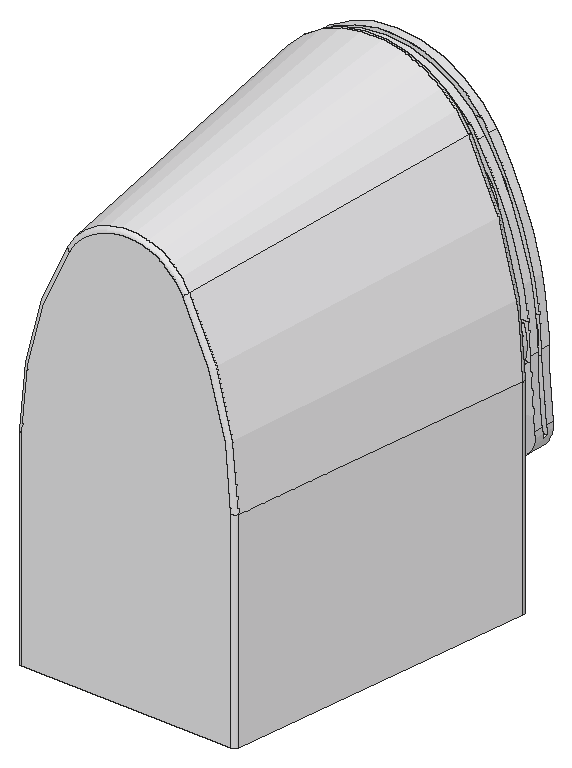
Revit family "Toilet-Floor_Mount-KOHLER-PARLIAMENT_GRANDE-K-23208K_1", category Plumbing Fixtures, host Face, Revit 2017
Family settings
  Host = Face
  Round Connector Dimension = Use Diameter
  Part Type = Normal
  OmniClass Number = 23.31.19.00
  OmniClass Title = Toilets
  Cut with Voids When Loaded = No
  Shared = No
  Room Calculation Point = No
Parameters (values of type "0-White")
  Width = 14 5/8"  # constant formula
  WaterSense Certified = 1 = 0  # no
  Waste Water Outlet = "Waste Water Outlet"  # constant formula
  Waste Connection = 1 = 1  # yes
  Vent Connection = 1 = 0  # no
  URL = "https://www.kohlerasiapacific.com/"
  Type = 1
  Seat Included = 1 = 1  # yes
  Rough-In = 7 73/256"  # constant formula
  Product Page URL = "https://www.kohlerasiapacific.com/productDetails/23208K?skuid=23208K-0"
  Product Name = "PARLIAMENT GRANDE\r\n"  # constant formula
  Product Documentation Link = "http://resources.kohler.com/plumbing/kohlerapac/pdf/1364486-K4-B_PARLIAMENT%20GRANDE%20WF_23208K.pdf"
  Pressure = 0.00 psi
  Model = "K-23208K-0"  # constant formula
  Material = "Vitreous China"  # constant formula
  Master Format 2014 Name = "Residential Water Closets"  # constant formula
  Master Format 2014 = "22 42 13.13"  # constant formula
  Manufacturer Address = "No. 158 Jiang Chang San Road, Zhabei District, Shanghai, China\r\n"  # constant formula
  Manufacturer = "KOHLER Co."  # constant formula
  Length = 22 215/256"  # constant formula
  Hot Water Inlet = "Hot Water Inlet"  # constant formula
  Height = 17 55/256"  # constant formula
  HW Connection = 1 = 0  # no
  Flush Rate- LPF = "0 LPF"
  Flush Rate- GPF = "0 GPF"
  Flow Rate = 0 GPM
  Finish = Kohler-Vitreous_China-0-White
  Environmental Product Declaration = ""
  Description = "Wall-Faced Toilet, P-TRAP, Function Slim Seat"  # constant formula
  Default Elevation = 0"
  Declare Label = ""
  Date Modified = "06/15/2021"  # constant formula
  Date Created = "06/15/2021"  # constant formula
  Copyright = "Copyright KOHLER Co."  # constant formula
  Contact Us = "https://www.kohlerasiapacific.com/contact-us"
  Cold Water Inlet = "Cold Water Inlet"  # constant formula
  CW Connection = 1 = 1  # yes
  Assembly Code = "D2010100"
  ADA Compliant = 1 = 0  # no
Reference planes (in)
  plane 1 "Center (Front/Back)": y = 0
  plane 2: z = 0
  plane 3 "Center (Left/Right)": x = 0
  plane 4: y = 17.21484
  plane 5: z = 22.83984
  plane 6: y = 15.35264
  plane 7: y = 7.28516
  plane 8: x = 7.31299
  plane 9: x = 3.07087
  plane 10: x = -7.31201
  plane 11: x = -3.07087
  plane 12: y = 13.77953
Dimensions and locks (in)
  "Rough-In": plane 7 to plane 1 "Center (Front/Back)"
  "Width": plane 10 to plane 8
  "Height": plane 4 to plane 1 "Center (Front/Back)"
  plane 4 to plane 6 = 1.8622"
  "Length": level to plane 5
  plane 12 to plane 7 = 6.49437"
  plane 1 "Center (Front/Back)" to plane 6 = 15.35264"
  aligned and locked: plane 2 to host face
  aligned and locked: level to host face
Automatic sketch dimensions
  host sketch curve to host sketch curve = 96"  (x2)
Nested families (in)
  nested 1: "K-23208K" at (0, 0, 0), type "K-23208K"
Connectors (in)
  piping at (0, 7.28346, 0), diameter 3.94922, driven by "Waste Connection", driven by "Waste Water Outlet"
    settings: on nested 1, index 1, connector inside diameter 24", connector length 0", flow factor 0, pipe flow 0 GPM, pressure drop 0.00 psi, fitting loss kfactor 0, connector angle 0.00°, fixture units 0, engagement length 0", angle of deflection 0.00°, flow configuration 0, flow direction 2, fitting loss method 0, system type 16, joint type 0, gender type 0, connector reference index -1, connector utility 1, adjustable connector no, is connector primary yes, connector description "Waste Water Outlet"
  piping at (0, 13.77953, 0), diameter 0.5, driven by "CW Connection", driven by "Cold Water Inlet", driven by "Flow Rate"
    settings: on nested 1, index 2, connector inside diameter 24", connector length 0", flow factor 0, pipe flow 0 GPM, pressure drop 0.00 psi, fitting loss kfactor 0, connector angle 0.00°, fixture units 0, engagement length 0", angle of deflection 0.00°, flow configuration 0, flow direction 1, fitting loss method 0, system type 20, joint type 0, gender type 0, connector reference index -1, connector utility 1, adjustable connector no, is connector primary no, connector description "Cold Water Inlet"
Definition of nested family "K-23208K"
  Parameters (values of type "K-23208K")
    material = none
  Reference planes (in)
    plane 1 "Center (Front/Back)": y = 0
    plane 2: z = 0
    plane 3 "Center (Left/Right)": x = 0
    plane 4: z = 22.83858
    plane 5: y = 15.35433
    plane 6: y = 17.21654
    plane 7: y = 7.28346
    plane 8: x = 7.31299
    plane 9: x = -7.31299
    plane 10: x = -5.34449
    plane 11: z = 20.87008
    plane 12: x = 5.34449
    plane 13: x = -3.07087
    plane 14: x = 3.07087
    plane 15: y = 13.77953
  Forms (in)
    Sweep 1, solid, material <- "material", detail levels medium+fine
      path origin (0, 0, 0) x (1, 0, 0) y (0, 0, 1)
        loop
          line (-5.34449, 0) -> (-5.34449, 10.23622)
          arc (-5.34449, 10.23622) -> (-4.74029, 14.83777) -> (-2.96866, 19.12736) r 17.82468
          arc (-2.96866, 19.12736) -> (0, 20.84403) -> (2.96866, 19.12736) r 3.4252
          arc (2.96866, 19.12736) -> (4.74029, 14.83777) -> (5.34449, 10.23622) r 17.82468
          line (5.34449, 10.23622) -> (5.34449, 0)
      profile origin (0, 0, 20.84403) x (0, 0, 1) y (0, -1, 0)
        loop
          arc (1.75172, -15.35433) -> (1.93833, -15.27456) -> (2.00962, -15.08454) r 0.25817
          arc (2.00962, -15.08454) -> (1.33501, -7.58904) -> (-0.00649, -0.18376) r 84.16242
          arc (-0.00649, -0.18376) -> (-0.08949, -0.05157) -> (-0.23681, 0) r 0.23622
          line (-0.23681, 0) -> (-1.05663, 0) -> (-1.05663, -15.35433) -> (1.75172, -15.35433)
    Extrusion 2, solid, material <- "material", detail levels medium+fine
      sketch origin (0, 0, 0) x (1, 0, 0) y (0, 0, 1)
        loop
          line (-4.28786, 0) -> (4.28786, 0) -> (4.28786, 10.23622)
          arc (4.28786, 10.23622) -> (3.71948, 14.56499) -> (2.05286, 18.6003) r 16.76805
          arc (2.05286, 18.6003) -> (0, 19.7874) -> (-2.05286, 18.6003) r 2.36857
          arc (-2.05286, 18.6003) -> (-3.71948, 14.56499) -> (-4.28786, 10.23622) r 16.76805
          line (-4.28786, 10.23622) -> (-4.28786, 0)
      from -15.35433 to 0
    Extrusion 3, solid, material <- "material", detail levels medium+fine
      sketch origin (0, 0, 0) x (1, 0, 0) y (0, 0, 1)
        loop
          arc (-7.31299, 7.65329) -> (-6.79409, 6.40054) -> (-5.54134, 5.88164) r 1.77165
          line (-5.54134, 5.88164) -> (5.54134, 5.88164)
          arc (5.54134, 5.88164) -> (6.79409, 6.40054) -> (7.31299, 7.65329) r 1.77165
          line (7.31299, 7.65329) -> (7.31299, 11.11898)
          arc (7.31299, 11.11898) -> (6.69, 15.62406) -> (4.86779, 19.791) r 16.60049
          arc (4.86779, 19.791) -> (0, 22.51748) -> (-4.86779, 19.791) r 5.70866
          arc (-4.86779, 19.791) -> (-6.69, 15.62406) -> (-7.31299, 11.11898) r 16.60049
          line (-7.31299, 11.11898) -> (-7.31299, 7.65329)
      from -17.87118 to -15.35433
    Extrusion 4, void
      sketch origin (0, 0, 0) x (0, 1, 0) y (0, 0, 1)
        loop
          line (16.57033, 22.83858) -> (16.57033, 19.63736)
          arc (16.57033, 19.63736) -> (16.60133, 15.77591) -> (16.69434, 11.91546) r 240.47824
          arc (16.69434, 11.91546) -> (16.71804, 11.02433) -> (16.73191, 10.13298) r 80.74586
          arc (16.73191, 10.13298) -> (16.86399, 8.19553) -> (17.21956, 6.28642) r 16.74058
          arc (17.21956, 6.28642) -> (17.2003, 6.15507) -> (17.09458, 6.07477) r 0.17553
          line (17.09458, 6.07477) -> (16.52942, 5.92334)
          arc (16.52942, 5.92334) -> (16.47691, 5.91241) -> (16.42349, 5.90751) r 0.47304
          line (16.42349, 5.90751) -> (16.25579, 5.90165)
          arc (16.25579, 5.90165) -> (15.77708, 8.3417) -> (15.60002, 10.82196) r 20.31746
          arc (15.60002, 10.82196) -> (15.58615, 11.7133) -> (15.56245, 12.60444) r 80.74586
          arc (15.56245, 12.60444) -> (15.46944, 16.46489) -> (15.43844, 20.32633) r 240.47824
          line (15.43844, 20.32633) -> (15.43844, 22.83858) -> (15.35433, 22.83858) -> (15.35433, 5.44156) -> (18.50394, 5.44156) -> (18.50394, 22.83858) -> (16.57033, 22.83858)
        loop
          line (16.12741, 22.83858) -> (15.88135, 22.83858) -> (15.88135, 19.63736)
          arc (15.88135, 19.63736) -> (15.91236, 15.77591) -> (16.00536, 11.91546) r 240.47824
          arc (16.00536, 11.91546) -> (16.02907, 11.02433) -> (16.04293, 10.13298) r 80.74586
          arc (16.04293, 10.13298) -> (16.09219, 9.00678) -> (16.21713, 7.88645) r 16.74058
          arc (16.21713, 7.88645) -> (16.3175, 7.44445) -> (16.48579, 7.0236) r 2.88783
          arc (16.48579, 7.0236) -> (16.50804, 7.0039) -> (16.53773, 7.00536) r 0.03937
          line (16.53773, 7.00536) -> (16.7458, 7.10239)
          arc (16.7458, 7.10239) -> (16.41299, 8.94935) -> (16.289, 10.82196) r 16.74058
          arc (16.289, 10.82196) -> (16.27513, 11.7133) -> (16.25142, 12.60444) r 80.74586
          arc (16.25142, 12.60444) -> (16.15842, 16.46489) -> (16.12741, 20.32633) r 240.47824
          line (16.12741, 20.32633) -> (16.12741, 22.83858)
      from -11.68693 to 9.84252
    Sweep 5, solid, material <- "material", detail levels medium+fine
      path origin (0, 0, 0) x (1, 0, 0) y (0, 0, 1)
        loop
          arc (-4.03979, 6.18591) -> (-3.07087, 4.55782) -> (-2.10195, 6.18591) r 1.10236
      profile origin (-3.07087, 0, 4.55782) x (0, 0, 1) y (0, -1, 0)
        loop
          line (0.00287, -15.35433) -> (0.00287, -15.54582)
          arc (0.00287, -15.54582) -> (0.02692, -15.6039) -> (0.085, -15.62795) r 0.08214
          line (0.085, -15.62795) -> (0.20687, -15.62795) -> (0.20687, -15.35433) -> (0.00287, -15.35433)
    Sweep 6, solid, material <- "material", detail levels medium+fine
      path origin (0, 0, 0) x (-1, 0, 0) y (0, 0, 1)
        loop
          arc (-4.03979, 6.18591) -> (-3.07087, 4.55782) -> (-2.10195, 6.18591) r 1.10236
      profile origin (3.07087, 0, 4.55782) x (0, 0, -1) y (0, -1, 0)
        loop
          line (-0.00287, -15.35433) -> (-0.20687, -15.35433) -> (-0.20687, -15.62795) -> (-0.085, -15.62795)
          arc (-0.085, -15.62795) -> (-0.02692, -15.6039) -> (-0.00287, -15.54582) r 0.08214
          line (-0.00287, -15.54582) -> (-0.00287, -15.35433)
    Extrusion 7, solid, material <- "material", detail levels medium+fine
      sketch origin (0, 0, 0) x (1, 0, 0) y (0, 0, 1)
        loop
          arc (-3.85796, 6.08726) -> (-3.07087, 4.76469) -> (-2.28377, 6.08726) r 0.89549
          line (-2.28377, 6.08726) -> (-3.85796, 6.08726)
        loop
          line (3.85796, 6.08726) -> (2.28377, 6.08726)
          arc (2.28377, 6.08726) -> (3.07087, 4.76469) -> (3.85796, 6.08726) r 0.89549
      from -15.62795 to -15.35433
    Extrusion 8, solid, material <- "material", detail levels medium+fine
      sketch origin (0, 0, 0) x (0, 1, 0) y (0, 0, 1)
        loop
          line (15.23425, 6.91269) -> (15.23425, 5.86558) -> (16.25208, 5.91892)
          arc (16.25208, 5.91892) -> (16.62893, 5.98096) -> (16.98292, 6.12432) r 1.72692
          line (16.98292, 6.12432) -> (16.84202, 7.12692)
          arc (16.84202, 7.12692) -> (16.45372, 6.96716) -> (16.03739, 6.91269) r 1.61818
          line (16.03739, 6.91269) -> (15.23425, 6.91269)
      from -5.27867 to 5.37883
    Extrusion 9, solid, material <- "material", detail levels medium+fine
      sketch origin (0, 0, 0) x (1, 0, 0) y (0, 0, 1)
        loop
          arc (-5.03626, 18.74479) -> (-5.59757, 17.96418) -> (-5.84052, 17.03391) r 2.62786
          arc (-5.84052, 17.03391) -> (-5.81467, 16.98708) -> (-5.76137, 16.99164) r 0.04912
          arc (-5.76137, 16.99164) -> (-5.55792, 17.14423) -> (-5.34917, 17.28946) r 7.12758
          arc (-5.34917, 17.28946) -> (-4.9966, 17.70818) -> (-4.92135, 18.25037) r 0.98707
          arc (-4.92135, 18.25037) -> (-4.946, 18.47945) -> (-4.95419, 18.70972) r 3.21637
          arc (-4.95419, 18.70972) -> (-4.98365, 18.75435) -> (-5.03626, 18.74479) r 0.04852
        loop
          arc (5.03626, 18.74479) -> (4.98365, 18.75435) -> (4.95419, 18.70972) r 0.04852
          arc (4.95419, 18.70972) -> (4.946, 18.47945) -> (4.92135, 18.25037) r 3.21637
          arc (4.92135, 18.25037) -> (4.9966, 17.70818) -> (5.34917, 17.28946) r 0.98707
          arc (5.34917, 17.28946) -> (5.55792, 17.14423) -> (5.76137, 16.99164) r 7.12758
          arc (5.76137, 16.99164) -> (5.81467, 16.98708) -> (5.84052, 17.03391) r 0.04912
          arc (5.84052, 17.03391) -> (5.59757, 17.96418) -> (5.03626, 18.74479) r 2.62786
        loop
          arc (-6.99164, 12.44737) -> (-7.13738, 11.49701) -> (-6.93152, 10.55784) r 2.62786
          arc (-6.93152, 10.55784) -> (-6.88723, 10.52785) -> (-6.84181, 10.55611) r 0.04912
          arc (-6.84181, 10.55611) -> (-6.72981, 10.78443) -> (-6.60974, 11.00861) r 7.12758
          arc (-6.60974, 11.00861) -> (-6.4857, 11.54175) -> (-6.66479, 12.059) r 0.98707
          arc (-6.66479, 12.059) -> (-6.79077, 12.25193) -> (-6.9026, 12.45338) r 3.21637
          arc (-6.9026, 12.45338) -> (-6.94911, 12.47977) -> (-6.99164, 12.44737) r 0.04852
        loop
          arc (6.99164, 12.44737) -> (6.94911, 12.47977) -> (6.9026, 12.45338) r 0.04852
          arc (6.9026, 12.45338) -> (6.79077, 12.25193) -> (6.66479, 12.059) r 3.21637
          arc (6.66479, 12.059) -> (6.4857, 11.54175) -> (6.60974, 11.00861) r 0.98707
          arc (6.60974, 11.00861) -> (6.72981, 10.78443) -> (6.84181, 10.55611) r 7.12758
          arc (6.84181, 10.55611) -> (6.88723, 10.52785) -> (6.93152, 10.55784) r 0.04912
          arc (6.93152, 10.55784) -> (7.13738, 11.49701) -> (6.99164, 12.44737) r 2.62786
      from -15.35433 to -16.297
    Revolve 10, solid, material <- "material", detail levels medium+fine
      sketch origin (0, 0, 0) x (0, 1, 0) y (0, 0, 1)
        loop
          line (7.28346, 0) -> (7.28346, 0.03559) -> (7.16535, 0.03559) -> (7.16535, 0) -> (7.28346, 0)
        axis (7.28346, 0) -> (7.28346, 0.03937)
      angle from 0 to 360
    Extrusion 11, solid, material <- "material", detail levels coarse
      sketch origin (0, 0, 0) x (1, 0, 0) y (0, 0, 1)
        loop
          line (-0.79129, 0) -> (7.29306, 0) -> (7.29306, 15.65749)
          arc (7.29306, 15.65749) -> (0, 22.95055) -> (-7.29306, 15.65749) r 7.29306
          line (-7.29306, 15.65749) -> (-7.29306, 0) -> (-0.79129, 0)
      from -15.35433 to 0
    Extrusion 12, solid, material <- "material", detail levels coarse
      sketch origin (0, 0, 0) x (1, 0, 0) y (0, 0, 1)
        loop
          line (7.29306, 5.90165) -> (7.29306, 15.65749)
          arc (7.29306, 15.65749) -> (0, 22.95055) -> (-7.29306, 15.65749) r 7.29306
          line (-7.29306, 15.65749) -> (-7.29306, 5.90165) -> (7.29306, 5.90165)
      from -17.60158 to -15.35433
    Extrusion 13, solid, material <- "material", detail levels medium+fine
      sketch origin (0, 0, 0) x (1, 0, 0) y (0, 1, 0)
        loop
          circle (0, 13.77953) r 0.19685
      from 0 to 0.04956
  Cuts and joins
    Extrusion 4 cuts Extrusion 3
    joined: Sweep 1, Extrusion 2, Sweep 5, Sweep 6, Extrusion 7, Extrusion 8, Extrusion 9
  Lines and regions (in)
    Masking region 1
      outline origin (0, 0, 0) x (0, 1, 0) y (0, 0, 1)
        loop
          line (0.0003, 0) -> (15.25672, 0)
          arc (15.25672, 0) -> (15.32574, 0.02859) -> (15.35433, 0.09761) r 0.09761
          line (15.35433, 0.09761) -> (15.35433, 4.56069) -> (15.54602, 4.56069)
          arc (15.54602, 4.56069) -> (15.60396, 4.58468) -> (15.62795, 4.64262) r 0.08194
          line (15.62795, 4.64262) -> (15.62795, 5.88091) -> (16.42261, 5.90716)
          arc (16.42261, 5.90716) -> (16.47646, 5.91235) -> (16.52942, 5.92334) r 0.47304
          line (16.52942, 5.92334) -> (17.09458, 6.07477)
          arc (17.09458, 6.07477) -> (17.20024, 6.15498) -> (17.21961, 6.28622) r 0.17553
          spline (17.21961, 6.28622) -> (17.16749, 6.50169) -> (17.11244, 6.75132) -> (17.05608, 7.02782) -> (17.00004, 7.32315) -> (16.94595, 7.62873) -> (16.89539, 7.93566) -> (16.84983, 8.235) -> (16.81059, 8.51805) -> (16.77881, 8.77657) -> (16.75542, 9.00305) -> (16.7411, 9.19088) -> (16.73627, 9.3346)
          arc (16.73627, 9.3346) -> (16.72547, 10.6252) -> (16.69434, 11.91546) r 80.74586
          arc (16.69434, 11.91546) -> (16.60133, 15.77591) -> (16.57033, 19.63736) r 240.47824
          line (16.57033, 19.63736) -> (16.57033, 22.40059)
          arc (16.57033, 22.40059) -> (16.53573, 22.48411) -> (16.45222, 22.5187) r 0.11811
          line (16.45222, 22.5187) -> (16.24552, 22.5187)
          arc (16.24552, 22.5187) -> (16.16201, 22.48411) -> (16.12741, 22.40059) r 0.11811
          line (16.12741, 22.40059) -> (16.12741, 20.32633)
          arc (16.12741, 20.32633) -> (16.12869, 19.54283) -> (16.13252, 18.75934) r 240.47824
          line (16.13252, 18.75934) -> (15.88135, 18.75934) -> (15.88135, 22.40059)
          arc (15.88135, 22.40059) -> (15.84676, 22.48411) -> (15.76324, 22.5187) r 0.11811
          line (15.76324, 22.5187) -> (15.55655, 22.5187)
          arc (15.55655, 22.5187) -> (15.47303, 22.48411) -> (15.43844, 22.40059) r 0.11811
          line (15.43844, 22.40059) -> (15.43844, 20.32633)
          arc (15.43844, 20.32633) -> (15.43972, 19.54229) -> (15.44355, 18.75825) r 240.47824
          line (15.44355, 18.75825) -> (15.35433, 18.75825) -> (15.35433, 22.59645)
          arc (15.35433, 22.59645) -> (15.27895, 22.77327) -> (15.09918, 22.84133) r 0.24509
          arc (15.09918, 22.84133) -> (7.59407, 22.18438) -> (0.18168, 20.83725) r 81.50378
          arc (0.18168, 20.83725) -> (0.05118, 20.75504) -> (0.0003, 20.60944) r 0.23376
          line (0.0003, 20.60944) -> (0.0003, 0)
        loop
          arc (16.2556, 12.47545) -> (16.1926, 14.72754) -> (16.1507, 16.98011) r 240.47824
          line (16.1507, 16.98011) -> (15.89603, 16.98011)
          arc (15.89603, 16.98011) -> (15.93148, 14.72757) -> (15.98802, 12.47545) r 240.47824
          line (15.98802, 12.47545) -> (16.2556, 12.47545)
        loop
          arc (16.7458, 7.10239) -> (16.43157, 8.80337) -> (16.29454, 10.5277) r 16.74058
          line (16.29454, 10.5277) -> (16.04363, 10.5277)
          arc (16.04363, 10.5277) -> (16.07809, 9.20364) -> (16.21713, 7.88645) r 16.74058
          arc (16.21713, 7.88645) -> (16.3175, 7.44445) -> (16.48579, 7.0236) r 2.88783
          arc (16.48579, 7.0236) -> (16.50804, 7.0039) -> (16.53773, 7.00536) r 0.03937
          line (16.53773, 7.00536) -> (16.7458, 7.10239)
        loop
          arc (16.01969, 6.91269) -> (15.73125, 8.71141) -> (15.60508, 10.52874) r 20.31746
          line (15.60508, 10.52874) -> (15.35433, 10.52874) -> (15.35433, 6.91269) -> (16.01969, 6.91269)
        loop
          arc (15.56665, 12.4746) -> (15.50362, 14.7277) -> (15.4617, 16.98129) r 240.47824
          line (15.4617, 16.98129) -> (15.35433, 16.98129) -> (15.35433, 12.4746) -> (15.56665, 12.4746)
    Masking region 2
      outline origin (0, 0, 0) x (1, 0, 0) y (0, 0, 1)
        loop
          line (0, 0) -> (7.27348, 0)
          arc (7.27348, 0) -> (7.30132, 0.01153) -> (7.31285, 0.03937) r 0.03937
          line (7.31285, 0.03937) -> (7.31285, 11.188)
          arc (7.31285, 11.188) -> (6.80043, 15.21224) -> (5.32726, 18.99204) r 16.60049
          arc (5.32726, 18.99204) -> (5.06113, 19.48282) -> (4.79631, 19.97432) r 208.70635
          arc (4.79631, 19.97432) -> (2.79419, 22.06962) -> (0, 22.83858) r 5.43664
          arc (0, 22.83858) -> (-2.79419, 22.06962) -> (-4.79631, 19.97432) r 5.43664
          arc (-4.79631, 19.97432) -> (-5.06113, 19.48282) -> (-5.32726, 18.99204) r 208.70635
          arc (-5.32726, 18.99204) -> (-6.80043, 15.21224) -> (-7.31285, 11.188) r 16.60049
          line (-7.31285, 11.188) -> (-7.31285, 0.03937)
          arc (-7.31285, 0.03937) -> (-7.30132, 0.01153) -> (-7.27348, 0) r 0.03937
          line (-7.27348, 0) -> (0, 0)
    Masking region 3
      outline origin (0, 0, 0) x (1, 0, 0) y (0, 1, 0)
        loop
          line (0, 0) -> (5.10768, 0)
          arc (5.10768, 0) -> (5.255, 0.05157) -> (5.338, 0.18376) r 0.23622
          arc (5.338, 0.18376) -> (6.66927, 7.59054) -> (7.31299, 15.08843) r 81.65484
          arc (7.31299, 15.08843) -> (7.26842, 15.24928) -> (7.13871, 15.35433) r 0.27369
          line (7.13871, 15.35433) -> (7.13871, 15.54001)
          arc (7.13871, 15.54001) -> (7.23051, 15.55648) -> (7.31299, 15.60002) r 0.30376
          line (7.31299, 15.60002) -> (7.31299, 16.02702)
          arc (7.31299, 16.02702) -> (7.22967, 15.98471) -> (7.13871, 15.96329) r 0.39268
          line (7.13871, 15.96329) -> (7.13871, 16.2242)
          arc (7.13871, 16.2242) -> (7.22931, 16.24499) -> (7.31299, 16.28547) r 0.41404
          line (7.31299, 16.28547) -> (7.31299, 16.94245)
          spline (7.31299, 16.94245) -> (7.30804, 16.96458) -> (7.29386, 16.98723) -> (7.27053, 17.01029) -> (7.23816, 17.03364) -> (7.19692, 17.05715) -> (7.14701, 17.08072) -> (7.08869, 17.10421) -> (7.02226, 17.12752) -> (6.94805, 17.15052) -> (6.86644, 17.1731) -> (6.77784, 17.19514) -> (6.68271, 17.21654)
          line (6.68271, 17.21654) -> (0, 17.21654) -> (-6.68271, 17.21654)
          spline (-6.68271, 17.21654) -> (-6.77784, 17.19514) -> (-6.86644, 17.1731) -> (-6.94805, 17.15052) -> (-7.02226, 17.12752) -> (-7.08869, 17.10421) -> (-7.14701, 17.08072) -> (-7.19692, 17.05715) -> (-7.23816, 17.03364) -> (-7.27053, 17.01029) -> (-7.29386, 16.98723) -> (-7.30804, 16.96458) -> (-7.31299, 16.94245)
          line (-7.31299, 16.94245) -> (-7.31299, 16.28547)
          arc (-7.31299, 16.28547) -> (-7.22931, 16.24499) -> (-7.13871, 16.2242) r 0.41404
          line (-7.13871, 16.2242) -> (-7.13871, 15.96329)
          arc (-7.13871, 15.96329) -> (-7.22967, 15.98471) -> (-7.31299, 16.02702) r 0.39268
          line (-7.31299, 16.02702) -> (-7.31299, 15.60002)
          arc (-7.31299, 15.60002) -> (-7.23051, 15.55648) -> (-7.13871, 15.54001) r 0.30376
          line (-7.13871, 15.54001) -> (-7.13871, 15.35433)
          arc (-7.13871, 15.35433) -> (-7.26842, 15.24928) -> (-7.31299, 15.08843) r 0.27369
          arc (-7.31299, 15.08843) -> (-6.66927, 7.59054) -> (-5.338, 0.18376) r 81.65484
          arc (-5.338, 0.18376) -> (-5.255, 0.05157) -> (-5.10768, 0) r 0.23622
          line (-5.10768, 0) -> (0, 0)
    symbolic lines, detail levels medium+fine
      curve 1: line (0, 15.35433, 4.56069) -> (0, 15.35433, 6.91269)
      curve 2: line (0, 15.35433, 10.52874) -> (0, 15.35433, 12.4746)
      curve 3: line (0, 15.35433, 16.99164) -> (0, 15.35433, 18.75825)
      curve 4: line (0, 15.4617, 16.98129) -> (0, 15.44355, 18.75825)
      curve 5: line (0, 15.89603, 16.98011) -> (0, 15.88135, 18.75934)
      curve 6: line (0, 16.1507, 16.98011) -> (0, 16.13252, 18.75934)
      curve 7: arc (0, 15.56665, 12.4746) -> (0, 15.59044, 11.50176) -> (0, 15.60508, 10.52874) r 103.57471
      curve 8: arc (0, 15.9848, 12.49144) -> (0, 16.01746, 11.50663) -> (0, 16.0381, 10.5215) r 80.74586
      curve 9: arc (0, 16.29145, 10.52169) -> (0, 16.27815, 11.5632) -> (0, 16.25142, 12.60444) r 80.74586
      curve 10: line (0, 15.62795, 5.88621) -> (0, 15.35433, 5.88621)
      curve 15: arc (4.14352, 0, 5.90165) -> (3.07087, 0, 4.56069) -> (1.99821, 0, 5.90165) r 1.09949
      curve 16: arc (-4.14352, 0, 5.90165) -> (-3.07087, 0, 4.56069) -> (-1.99821, 0, 5.90165) r 1.09949
      curve 17: line (-7.13871, 15.35433, 0) -> (7.09621, 15.35433, 0)
      curve 18: spline (-4.868, 15.43903, 0) -> (-5.18995, 15.43977, 0) -> (-5.49064, 15.44227, 0) -> (-5.76961, 15.44654, 0) -> (-6.02646, 15.45256, 0) -> (-6.26081, 15.46033, 0) -> (-6.4723, 15.46985, 0) -> (-6.66064, 15.48108, 0) -> (-6.82554, 15.49402, 0) -> (-6.96675, 15.50865, 0) -> (-7.08408, 15.52495, 0) -> (-7.17734, 15.54289, 0) -> (-7.2464, 15.56245, 0)
      curve 19: spline (-4.49621, 15.43844, 0) -> (-4.52951, 15.43844, 0) -> (-4.56239, 15.43845, 0) -> (-4.59486, 15.43847, 0) -> (-4.62691, 15.4385, 0) -> (-4.65855, 15.43854, 0) -> (-4.68976, 15.43858, 0) -> (-4.72055, 15.43863, 0) -> (-4.7509, 15.4387, 0) -> (-4.78083, 15.43877, 0) -> (-4.81032, 15.43885, 0) -> (-4.83938, 15.43894, 0) -> (-4.868, 15.43903, 0)
      curve 20: line (4.49621, 15.43844, 0) -> (-4.49621, 15.43844, 0)
      curve 21: spline (-7.29387, 16.00536, 0) -> (-7.24755, 15.98578, 0) -> (-7.17357, 15.96781, 0) -> (-7.07205, 15.95146, 0) -> (-6.94316, 15.93678, 0) -> (-6.78712, 15.92377, 0) -> (-6.6042, 15.91248, 0) -> (-6.3947, 15.9029, 0) -> (-6.15897, 15.89507, 0) -> (-5.8974, 15.88899, 0) -> (-5.61044, 15.88467, 0) -> (-5.29857, 15.88212, 0) -> (-4.96231, 15.88135, 0)
      curve 22: line (-4.96231, 15.88135, 0) -> (4.96231, 15.88135, 0)
      curve 23: spline (-4.868, 16.12801, 0) -> (-5.18995, 16.12874, 0) -> (-5.49064, 16.13125, 0) -> (-5.76961, 16.13551, 0) -> (-6.02646, 16.14154, 0) -> (-6.26081, 16.14931, 0) -> (-6.4723, 16.15882, 0) -> (-6.66064, 16.17006, 0) -> (-6.82554, 16.183, 0) -> (-6.96675, 16.19763, 0) -> (-7.08408, 16.21393, 0) -> (-7.17734, 16.23187, 0) -> (-7.2464, 16.25142, 0)
      curve 24: spline (-4.49621, 16.12741, 0) -> (-4.52951, 16.12742, 0) -> (-4.56239, 16.12743, 0) -> (-4.59486, 16.12745, 0) -> (-4.62691, 16.12747, 0) -> (-4.65855, 16.12751, 0) -> (-4.68976, 16.12756, 0) -> (-4.72055, 16.12761, 0) -> (-4.7509, 16.12767, 0) -> (-4.78083, 16.12774, 0) -> (-4.81032, 16.12782, 0) -> (-4.83938, 16.12791, 0) -> (-4.868, 16.12801, 0)
      curve 25: line (4.49621, 16.12741, 0) -> (-4.49621, 16.12741, 0)
      curve 26: spline (-7.29388, 16.69434, 0) -> (-7.24755, 16.67476, 0) -> (-7.17357, 16.65679, 0) -> (-7.07205, 16.64044, 0) -> (-6.94317, 16.62575, 0) -> (-6.78713, 16.61275, 0) -> (-6.60421, 16.60145, 0) -> (-6.39471, 16.59188, 0) -> (-6.15897, 16.58404, 0) -> (-5.89741, 16.57796, 0) -> (-5.61045, 16.57365, 0) -> (-5.29858, 16.5711, 0) -> (-4.96231, 16.57033, 0)
      curve 27: line (-4.96231, 16.57033, 0) -> (4.96231, 16.57033, 0)
      curve 28: line (-6.48365, 15.35433, 0) -> (-6.48365, 15.47044, 0)
      curve 29: line (-5.84052, 15.35433, 0) -> (-5.84052, 15.44798, 0)
      curve 30: line (-4.90974, 15.35433, 0) -> (-4.90974, 15.43903, 0)
      curve 31: line (-6.48716, 15.90677, 0) -> (-6.48716, 16.1596, 0)
      curve 32: line (-5.84052, 15.88796, 0) -> (-5.84052, 16.13695, 0)
      curve 33: line (-4.90974, 15.88135, 0) -> (-4.90974, 16.12801, 0)
      curve 34: spline (-7.31299, 16.71599, 0) -> (-7.31286, 16.71449, 0) -> (-7.31246, 16.71293, 0) -> (-7.3118, 16.71131, 0) -> (-7.31087, 16.70965, 0) -> (-7.30967, 16.70792, 0) -> (-7.30821, 16.70615, 0) -> (-7.30649, 16.70431, 0) -> (-7.30449, 16.70243, 0) -> (-7.30224, 16.70049, 0) -> (-7.29972, 16.69849, 0) -> (-7.29693, 16.69644, 0) -> (-7.29388, 16.69434, 0)
      curve 35: spline (4.868, 15.43903, 0) -> (5.18995, 15.43977, 0) -> (5.49064, 15.44227, 0) -> (5.76961, 15.44654, 0) -> (6.02646, 15.45256, 0) -> (6.26081, 15.46033, 0) -> (6.4723, 15.46985, 0) -> (6.66064, 15.48108, 0) -> (6.82554, 15.49402, 0) -> (6.96675, 15.50865, 0) -> (7.08408, 15.52495, 0) -> (7.17734, 15.54289, 0) -> (7.2464, 15.56245, 0)
      curve 36: spline (4.49621, 15.43844, 0) -> (4.52951, 15.43844, 0) -> (4.56239, 15.43845, 0) -> (4.59486, 15.43847, 0) -> (4.62691, 15.4385, 0) -> (4.65855, 15.43854, 0) -> (4.68976, 15.43858, 0) -> (4.72055, 15.43863, 0) -> (4.7509, 15.4387, 0) -> (4.78083, 15.43877, 0) -> (4.81032, 15.43885, 0) -> (4.83938, 15.43894, 0) -> (4.868, 15.43903, 0)
      curve 37: spline (7.29387, 16.00536, 0) -> (7.24755, 15.98578, 0) -> (7.17357, 15.96781, 0) -> (7.07205, 15.95146, 0) -> (6.94316, 15.93678, 0) -> (6.78712, 15.92377, 0) -> (6.6042, 15.91248, 0) -> (6.3947, 15.9029, 0) -> (6.15897, 15.89507, 0) -> (5.8974, 15.88899, 0) -> (5.61044, 15.88467, 0) -> (5.29857, 15.88212, 0) -> (4.96231, 15.88135, 0)
      curve 38: spline (4.868, 16.12801, 0) -> (5.18995, 16.12874, 0) -> (5.49064, 16.13125, 0) -> (5.76961, 16.13551, 0) -> (6.02646, 16.14154, 0) -> (6.26081, 16.14931, 0) -> (6.4723, 16.15882, 0) -> (6.66064, 16.17006, 0) -> (6.82554, 16.183, 0) -> (6.96675, 16.19763, 0) -> (7.08408, 16.21393, 0) -> (7.17734, 16.23187, 0) -> (7.2464, 16.25142, 0)
      curve 39: spline (4.49621, 16.12741, 0) -> (4.52951, 16.12742, 0) -> (4.56239, 16.12743, 0) -> (4.59486, 16.12745, 0) -> (4.62691, 16.12747, 0) -> (4.65855, 16.12751, 0) -> (4.68976, 16.12756, 0) -> (4.72055, 16.12761, 0) -> (4.7509, 16.12767, 0) -> (4.78083, 16.12774, 0) -> (4.81032, 16.12782, 0) -> (4.83938, 16.12791, 0) -> (4.868, 16.12801, 0)
      curve 40: spline (7.29388, 16.69434, 0) -> (7.24755, 16.67476, 0) -> (7.17357, 16.65679, 0) -> (7.07205, 16.64044, 0) -> (6.94317, 16.62575, 0) -> (6.78713, 16.61275, 0) -> (6.60421, 16.60145, 0) -> (6.39471, 16.59188, 0) -> (6.15897, 16.58404, 0) -> (5.89741, 16.57796, 0) -> (5.61045, 16.57365, 0) -> (5.29858, 16.5711, 0) -> (4.96231, 16.57033, 0)
      curve 41: line (6.48365, 15.35433, 0) -> (6.48365, 15.47044, 0)
      curve 42: line (5.84052, 15.35433, 0) -> (5.84052, 15.44798, 0)
      curve 43: line (4.90974, 15.35433, 0) -> (4.90974, 15.43903, 0)
      curve 44: line (6.48716, 15.90677, 0) -> (6.48716, 16.1596, 0)
      curve 45: line (5.84052, 15.88796, 0) -> (5.84052, 16.13695, 0)
      curve 46: line (4.90974, 15.88135, 0) -> (4.90974, 16.12801, 0)
      curve 47: spline (7.31299, 16.71599, 0) -> (7.31286, 16.71449, 0) -> (7.31246, 16.71293, 0) -> (7.3118, 16.71131, 0) -> (7.31087, 16.70965, 0) -> (7.30967, 16.70792, 0) -> (7.30821, 16.70615, 0) -> (7.30649, 16.70431, 0) -> (7.30449, 16.70243, 0) -> (7.30224, 16.70049, 0) -> (7.29972, 16.69849, 0) -> (7.29693, 16.69644, 0) -> (7.29388, 16.69434, 0)
    symbolic lines
      curve 11: arc (4.86779, 0, 19.791) -> (0, 0, 22.51748) -> (-4.86779, 0, 19.791) r 5.70866
      curve 12: arc (5.80687, 0, 5.90165) -> (6.88469, 0, 6.49823) -> (7.31299, 0, 7.65329) r 1.77165
      curve 13: line (5.80687, 0, 5.90165) -> (-5.80687, 0, 5.90165)
      curve 14: arc (-7.31299, 0, 7.65329) -> (-6.88469, 0, 6.49823) -> (-5.80687, 0, 5.90165) r 1.77165
  Dimensions and locks (in)
    aligned and locked: plane 2 to level
